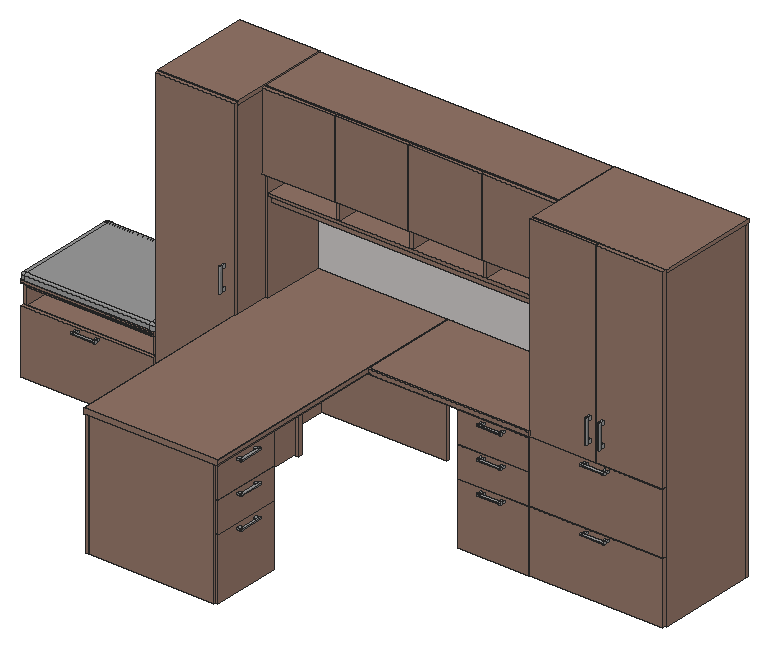
Revit family "JSI-Vision-Typical_Veneer-VSV103", category Furniture, Revit 2020
Family settings
  OmniClass Number = 23.40.20.00
  OmniClass Title = General Furniture and Specialties
  Work Plane-Based = No
  Always vertical = Yes
  Cut with Voids When Loaded = No
  Shared = No
  Room Calculation Point = No
Parameters (values of type "VST103")
  URL = "www.jsifurniture.com"
  Type Comments = "Typical Laminate"  # constant formula
  Model = "VST103"
  Manufacturer = "JSI"  # constant formula
  Keynote = "12500"
  Default Elevation = 0"
  Assembly Code = "E2020200"
Reference planes (in)
  plane 1 "Center Front/Back": y = 0
  plane 2: z = 0
  plane 3 "Center Left/Right": x = 0
Dimensions and locks (in)
  aligned and locked: level to plane 2
Nested families (in)
  nested 1: "JSI-Vision-Wardrobe" at (30.00381, 0, 0), type "VSV2418-72WL - Wardrobe - 1 Doors 30"W x 24"D x 72"H"
    with Vertical Partition no, Top-Right Shelve no, Width 18", Unit Centre 8 15/16", Shelve Width 7 13/16", Right surface Dist. to Vertical Partition 3/4", Right Door no, Pull Distance 15 1/4", Left Shelves no, Height 72", Hanging Bar Distance 6 3/4", Door Width 17 3/4", Bottom-Right Shelves yes, Adjustable Shelves Array Distance 13.95", Actual Width 17 7/8", Actual Height 71 11/16", # of Adjustable Shelves 4
  nested 2: "JSI-Vision-Bench_Height_Cushion" at (0.00381, 0, 0.1031), type "VSB2430CUSH, 24d Bench H Cushion, 30 W"
    with Width 30"
  nested 3: "JSI-Vision-Tackboard_Overhead_with_Cubbies" at (47.87881, 0.3125, -4.5625), type "VSB6620TKC, Tackboard for Overhead Front with Cubbies"
    with Width 64 1/8", Height 19 1/2"
  nested 4: "JSI-Vision-Modular_Box_Box_File_Pedestal" at (97.75781, -0.2655, 0), type "VSV1624MBBF, Veneer Modular BBF Ped"
    with Ped Width 15.996", Ped Height 27.996", Ped Depth 24"
  nested 5: "JSI-Vision-Overhead_Cabinets_with_Cubbies" at (47.81631, 0, -0.8125), type "VSV1666SOC, Veneer OH Cab. 16" x 66", 4 Doors w Cub"
    with Verticall Partition Distance 32 13/16", Unit Centre 33", Width 66", Door Width Actual 16 5/16", Door Array Spacing 16 7/16", Door Width 16 5/16", Bottom Partition Array Start Distance 16 3/8", Bottom Partition Array Space 16", Bottom Partition Array Distance 16 7/16", # of bottom Partition 3, # of Doors 4
  nested 6: "JSI-Vision-File_File_Lateral_Storage_Cabinet" at (113.87881, 0, 0), type "VSV2430-72FFT, Veneer 72" H Lat File Strg Cab 24" x 30""
    with Width 30", Unit Centre 15", Shelve Width 28 1/2", Drawer Pull Distance(Right) 7 7/16", Drawer Pull Distance(Left) 7 7/16", Height 72", Door Width 14 7/8", Adjustable Shelves Array Distance 14.39583", Actual Height 71 11/16", # of Adjustable Shelves 3
  nested 7: "JSI-Vision-Single_Pedestal_Desk-Break_Front_Modesty" at (58.62881, -30.06087, 0) x (0, 1, 0) z (0, 0, 1), type "VSV3066LD, Veneer 30 x 66 Left Ped Desk, Brk Frnt Modesty"
    with Height 29.187"
  nested 8: "JSI-Vision-Modular_Bridge_Top" at (113.94294, -10.875, -0.8125), type "VSV3624MCT - Modular Return/Bridge Top 36"W x 24"D x 30"H"
    with Depth 24"
  nested 9: "JSI-Vision-Open_Shelf_File_Modular_Bench_Pedestal" at (0.00381, -0.125, 0), type "VSVB2430MOF, Veneer OF Modular Bench H Ped"
    with Width 30", Height 18.744", Depth 24"
  nested 10: "JSI-Vision-Bench_Height_Modular_Top" at (0.00381, -0.125, -0.6469), type "VSVB2430MT, Veneer Mod Bench H Top, 24" x 30""
    with Width 30", Depth 24"
  nested 11: "JSI-Vision-Modular_Full_Height_Back_Modular_Pedestal" at (97.88281, -0.125, 0), type "VSV1628MPBK, Modular Full Height Back Panel for Modular Pedestal- Veneer"
Definition of nested family "JSI-Vision-Wardrobe"
  Parameters (values of type "Type Catalog")
    Vertical Partition = yes
    Top-Right Shelve = yes
    Top = none
    Width = 36"
    Unit Centre = Actual Width / 2  # 17 15/16"
    URL = "www.jsifurniture.com"
    Type Comments = ""
    Tag = "Storage/Wardrobe"
    Shelve Width = (Actual Width - 2 1/4") / 2  # 16 13/16"
    Shelve Depth = Depth - 2 13/16"  # 21 3/16"
    Series = "Vision Casegoods"  # constant formula
    Right surface Dist. to Vertical Partition = if(Vertical Partition, (Unit Centre + 3/8"), 3/4")  # 18 5/16"
    Right Door = yes
    Pull Finish = none
    Pull Distance = Door Width - 2 1/2"  # 15 5/16"
    Model = "Type Catalog"
    Material = ""
    Manufacturer = "JSI"  # constant formula
    Left Shelves = yes
    Left Door = yes
    Keynote = "12500"
    JSI Enviromental Website = "http://www.jsifurniture.com/jsi_sustainability_intro.php"
    Height = 84"
    Hanging Bar Distance = if(Height > 72", (Adjustable Shelves Array Distance + 6 3/4"), 6 3/4")  # 20 3/8"
    Door Width = if(Vertical Partition, ((Actual Width - (1/4")) / 2), (Actual Width - 1/8"))  # 17 13/16"
    Door Front = none
    Description = "Type Catalog"
    Depth = 24"
    Default Elevation = 0"
    Chassis = none
    Bottom-Right Shelves = no
    Assembly Code = "E2020200"
    Adjustable Shelves Array Distance = (Actual Height - 1 15/16") / (# of Adjustable Shelves + 1)  # 13 5/8"
    Actual Width = Width - 1/8"  # 35 7/8"
    Actual Height = if(Height > 54", (Height - 5/16"), (if(Height > 42", (Height + 1 1/8"), if(Height > 30", (Height - 3/8"), (Height - 13/16")))))  # 83 11/16"
    # of Adjustable Shelves = if(Height > 72", 5, 4)  # 5
  Reference planes (in)
    plane 1 "Center Front/Back": y = 0
    plane 2: z = 0
    plane 3 "Center Left/Right": x = 0
    plane 4: z = 0
    plane 5: x = 35.875
    plane 6: y = -0.125
    plane 7: y = -23
    plane 8: z = 83.6875
    plane 9: y = -0.875
    plane 10: y = -22.8125
    plane 11: y = -22.0625
    plane 12: x = 0.75
    plane 13: x = 35.125
    plane 14: z = 1.1875
    plane 15: z = 1.9375
    plane 16: z = 82.9375
    plane 17: z = 83.3125
    plane 18: z = 15.1875
    plane 19: z = 28.8125
    plane 20: z = 42.4375
    plane 21: z = 56.0625
    plane 22: z = 69.6875
    plane 23: z = 70.0625
    plane 24: z = 69.3125
    plane 25: z = 56.4375
    plane 26: z = 55.6875
    plane 27: z = 42.8125
    plane 28: z = 42.0625
    plane 29: z = 29.1875
    plane 30: z = 28.4375
    plane 31: z = 15.5625
    plane 32: z = 14.8125
    plane 33: x = 17.9375
    plane 34: x = 0.0625
    plane 35: x = 35.8125
    plane 36: x = 18
    plane 37: x = 17.875
    plane 38: z = 0.125
    plane 39: y = -23.125
    plane 40: y = -23.875
    plane 41: z = 1.5625
    plane 42: x = 18.3125
    plane 43: x = 17.5625
    plane 44: y = -24
    plane 45: z = 83.625
    plane 46: z = 63.3125
    plane 47: y = -11.5625
    plane 48: z = 41.84375
    plane 49: x = 20.5
    plane 50: x = 15.375
    plane 51: z = 20.3125
    plane 52: z = 19.5625
    plane 53: x = 18.3125
  Forms (in)
    Extrusion 1, solid, material <- "Chassis"
      sketch origin (0, 0, 0) x (1, 0, 0) y (0, 1, 0)
        loop
          line (0, -0.125) -> (0, -0.875) -> (35.875, -0.875) -> (35.875, -0.125) -> (0, -0.125)
      from 0 to 82.9375
    Extrusion 2, solid, material <- "Chassis"
      sketch origin (0, 0, 0) x (1, 0, 0) y (0, 1, 0)
        loop
          line (0, -0.875) -> (0, -23) -> (0.75, -23) -> (0.75, -0.875) -> (0, -0.875)
      from 0 to 82.9375
    Extrusion 3, solid, material <- "Chassis"
      sketch origin (0, 0, 0) x (1, 0, 0) y (0, 1, 0)
        loop
          line (35.125, -0.875) -> (35.125, -23) -> (35.875, -23) -> (35.875, -0.875) -> (35.125, -0.875)
      from 0 to 82.9375
    Extrusion 4, solid, material <- "Top"
      sketch origin (0, 0, 0) x (0, 1, 0) y (0, 0, 1)
        loop
          line (-0.125, 83.6875) -> (-23, 83.6875) -> (-23, 82.9375) -> (-0.125, 82.9375) -> (-0.125, 83.6875)
      from 0 to 35.875
    Extrusion 5, solid, material <- "Chassis"
      sketch origin (0, 0, 0) x (0, 1, 0) y (0, 0, 1)
        loop
          line (-0.875, 1.9375) -> (-22.0625, 1.9375) -> (-22.0625, 1.1875) -> (-0.875, 1.1875) -> (-0.875, 1.9375)
      from 0.75 to 35.125
    Extrusion 6, solid, material <- "Chassis"
      sketch origin (0, 0, 0) x (0, 1, 0) y (0, 0, 1)
        loop
          line (-22.0625, 1.9375) -> (-22.8125, 1.9375) -> (-22.8125, 0) -> (-22.0625, 0) -> (-22.0625, 1.9375)
      from 0.75 to 35.125
    Extrusion 7, solid, material <- "Door Front", visible <- "Left Door"
      sketch origin (0, 0, 0) x (1, 0, 0) y (0, 1, 0)
        loop
          line (0.0625, -23.125) -> (0.0625, -23.875) -> (17.875, -23.875) -> (17.875, -23.125) -> (0.0625, -23.125)
      from 0.125 to 83.625
    Extrusion 8, solid, material <- "Door Front", visible <- "Right Door"
      sketch origin (0, 0, 0) x (1, 0, 0) y (0, 1, 0)
        loop
          line (18, -23.125) -> (18, -23.875) -> (35.8125, -23.875) -> (35.8125, -23.125) -> (18, -23.125)
      from 0.125 to 83.625
    Extrusion 9, solid, material <- "Chassis", visible <- "Vertical Partition"
      sketch origin (0, 0, 0) x (1, 0, 0) y (0, 1, 0)
        loop
          line (17.5625, -0.875) -> (17.5625, -23) -> (18.3125, -23) -> (18.3125, -0.875) -> (17.5625, -0.875)
      from 1.9375 to 82.9375
    Extrusion 10, solid, material <- "Chassis", visible <- "Left Shelves"
      sketch origin (0, 0, 0) x (0, 1, 0) y (0, 0, 1)
        loop
          line (-0.875, 15.5625) -> (-22.0625, 15.5625) -> (-22.0625, 14.8125) -> (-0.875, 14.8125) -> (-0.875, 15.5625)
      from 0.75 to 17.5625
    Extrusion 11, solid, material <- "Chassis", visible <- "Top-Right Shelve"
      sketch origin (0, 0, 0) x (0, 1, 0) y (0, 0, 1)
        loop
          line (-0.875, 70.0625) -> (-22.0625, 70.0625) -> (-22.0625, 69.3125) -> (-0.875, 69.3125) -> (-0.875, 70.0625)
      from 18.3125 to 35.125
    Extrusion 12, solid, material <- "Pull Finish"
      sketch origin (0, 0, 0) x (0, 1, 0) y (0, 0, 1)
        loop
          circle (-11.5625, 63.3125) r 0.5
      from 18.3125 to 35.125
    Extrusion 13, solid, material <- "Chassis", visible <- "Left Shelves"
      sketch origin (0, 0, 13.625) x (0, 1, 0) y (0, 0, 1)
        loop
          line (-0.875, 15.5625) -> (-22.0625, 15.5625) -> (-22.0625, 14.8125) -> (-0.875, 14.8125) -> (-0.875, 15.5625)
      from 0.75 to 17.5625
    Extrusion 14, solid, material <- "Chassis", visible <- "Left Shelves"
      sketch origin (0, 0, 27.25) x (0, 1, 0) y (0, 0, 1)
        loop
          line (-0.875, 15.5625) -> (-22.0625, 15.5625) -> (-22.0625, 14.8125) -> (-0.875, 14.8125) -> (-0.875, 15.5625)
      from 0.75 to 17.5625
    Extrusion 15, solid, material <- "Chassis", visible <- "Left Shelves"
      sketch origin (0, 0, 40.875) x (0, 1, 0) y (0, 0, 1)
        loop
          line (-0.875, 15.5625) -> (-22.0625, 15.5625) -> (-22.0625, 14.8125) -> (-0.875, 14.8125) -> (-0.875, 15.5625)
      from 0.75 to 17.5625
    Extrusion 16, solid, material <- "Chassis", visible <- "Bottom-Right Shelves"
      sketch origin (0, 0, 0) x (0, 1, 0) y (0, 0, 1)
        loop
          line (-22.0625, 29.1875) -> (-22.0625, 28.4375) -> (-0.875, 28.4375) -> (-0.875, 29.1875) -> (-22.0625, 29.1875)
      from 18.3125 to 35.125
    Extrusion 17, solid, material <- "Chassis", visible <- "Bottom-Right Shelves"
      sketch origin (0, 0, 0) x (0, 1, 0) y (0, 0, 1)
        loop
          line (-22.0625, 20.3125) -> (-22.0625, 19.5625) -> (-0.875, 19.5625) -> (-0.875, 20.3125) -> (-22.0625, 20.3125)
      from 18.3125 to 35.125
    Extrusion 18, solid, material <- "Chassis", visible <- "Left Shelves"
      sketch origin (0, 0, 54.5) x (0, 1, 0) y (0, 0, 1)
        loop
          line (-0.875, 15.5625) -> (-22.0625, 15.5625) -> (-22.0625, 14.8125) -> (-0.875, 14.8125) -> (-0.875, 15.5625)
      from 0.75 to 17.5625
  Lines and regions (in)
    symbolic lines
      curve 1: line (35.875, -0.125, 0) -> (0, -0.125, 0)
      curve 2: line (0, -0.125, 0) -> (0, -23, 0)
      curve 3: line (35.875, -23, 0) -> (35.875, -0.125, 0)
      curve 4: line (0, -23, 0) -> (35.875, -23, 0)
      curve 5: line (17.875, -23.875, 0) -> (17.875, -23.125, 0)
      curve 6: line (0.0625, -23.875, 0) -> (17.875, -23.875, 0)
      curve 7: line (17.875, -23.125, 0) -> (0.0625, -23.125, 0)
      curve 8: line (0.0625, -23.125, 0) -> (0.0625, -23.875, 0)
      curve 9: line (35.8125, -23.125, 20.3125) -> (18, -23.125, 20.3125)
      curve 10: line (18, -23.875, 20.3125) -> (35.8125, -23.875, 20.3125)
      curve 11: line (18, -23.125, 20.3125) -> (18, -23.875, 20.3125)
      curve 12: line (35.8125, -23.875, 20.3125) -> (35.8125, -23.125, 20.3125)
  Dimensions and locks (in)
    locked: plane 6 to plane 1 "Center Front/Back" at 0.125
    plane 7 to plane 10 to plane 11 = 3/16" locked, 3/4" locked
    locked: plane 3 "Center Left/Right" to plane 12 at 0.75
    locked: plane 13 to plane 5 at 0.75
    plane 15 to plane 14 to plane 4 = 3/4" locked, 1 3/16" locked
    locked: plane 8 to plane 16 at 0.75
    locked: plane 17 to plane 16 at 0.375
    plane 23 to plane 22 to plane 24 = 3/8" locked, 3/8" locked
    plane 25 to plane 21 to plane 26 = 3/8" locked, 3/8" locked
    plane 27 to plane 20 to plane 28 = 3/8" locked, 3/8" locked
    plane 29 to plane 19 to plane 30 = 3/8" locked, 3/8" locked
    plane 31 to plane 18 to plane 32 = 3/8" locked, 3/8" locked
    "Actual Width": plane 3 "Center Left/Right" to plane 5
    "Unit Centre": plane 3 "Center Left/Right" to plane 33
    "Actual Height": plane 8 to plane 4
    locked: plane 3 "Center Left/Right" to plane 34 at 0.0625
    locked: plane 35 to plane 5 at 0.0625
    plane 40 to plane 39 to plane 7 = 3/4" locked, 1/8" locked
    "Door Width": plane 34 to plane 37
    "Door Width": plane 36 to plane 35
    locked: plane 15 to plane 41 at 0.375
    plane 43 to plane 33 to plane 42 = 3/8" locked, 3/8" locked
    "Depth": plane 44 to plane 1 "Center Front/Back"
    locked: plane 44 to plane 40 at 0.125
    "Adjustable Shelves Array Distance": Extrusion 10 to plane 15
    locked: plane 8 to plane 45 at 0.0625
    "Adjustable Shelves Array Distance": plane 17 to plane 22
    equal spacing: plane 6, plane 47, plane 7
    equal spacing: plane 8, plane 48, plane 4
    "Shelve Depth": Extrusion 10 sketch curve to Extrusion 10 sketch curve
    "Shelve Depth": Extrusion 13 sketch curve to Extrusion 13 sketch curve
    equal spacing: group 1, group 2, group 3, group 4, group 5  (x3)
    "Shelve Width": Extrusion 10 to Extrusion 10
    "Shelve Depth": Extrusion 14 sketch curve to Extrusion 14 sketch curve
    "Shelve Width": Extrusion 14 to Extrusion 14
    "Shelve Depth": Extrusion 15 sketch curve to Extrusion 15 sketch curve
    "Shelve Width": Extrusion 15 to Extrusion 15
    "Shelve Width": Extrusion 13 to Extrusion 13
    "Hanging Bar Distance": plane 8 to plane 46
    "Adjustable Shelves Array Distance": Extrusion 13 to Extrusion 10
    plane 30 to plane 51 to plane 52 = 8 1/8" locked, 3/4" locked
    "Pull Distance": plane 49 to plane 35
    "Pull Distance": plane 34 to plane 50
    "Right surface Dist. to Vertical Partition": plane 53 to plane 3 "Center Left/Right"
    "Shelve Depth": Extrusion 18 sketch curve to Extrusion 18 sketch curve
    "Shelve Width": Extrusion 18 to Extrusion 18
    locked: plane 38 to plane 4 at 0.125
    radius of Extrusion 12 sketch curve = 1/2"
    aligned and locked: level to plane 2
    aligned and locked: plane 6 to Extrusion 1 sketch curve
    aligned and locked: Extrusion 1 sketch curve to plane 9
    aligned and locked: Extrusion 1 sketch curve to plane 5
    aligned and locked: plane 3 "Center Left/Right" to Extrusion 1 sketch curve
    aligned and locked: Extrusion 1 to plane 4
    aligned and locked: plane 16 to Extrusion 1
    aligned and locked: plane 3 "Center Left/Right" to Extrusion 2 sketch curve
    aligned and locked: Extrusion 2 sketch curve to plane 12
    aligned and locked: Extrusion 2 sketch curve to plane 7
    aligned and locked: plane 9 to Extrusion 2 sketch curve
    aligned and locked: plane 13 to Extrusion 3 sketch curve
    aligned and locked: Extrusion 3 sketch curve to plane 5
    aligned and locked: Extrusion 3 sketch curve to plane 7
    aligned and locked: plane 9 to Extrusion 3 sketch curve
    aligned and locked: Extrusion 2 to plane 4
    aligned and locked: Extrusion 3 to plane 4
    aligned and locked: plane 16 to Extrusion 2
    aligned and locked: plane 16 to Extrusion 3
    aligned and locked: plane 16 to Extrusion 4 sketch curve
    aligned and locked: Extrusion 4 sketch curve to plane 8
    aligned and locked: plane 6 to Extrusion 4 sketch curve
    aligned and locked: Extrusion 4 sketch curve to plane 7
    aligned and locked: Extrusion 4 to plane 3 "Center Left/Right"
    aligned and locked: plane 5 to Extrusion 4
    aligned and locked: Extrusion 5 sketch curve to plane 11
    aligned and locked: plane 14 to Extrusion 5 sketch curve
    aligned and locked: Extrusion 5 sketch curve to plane 15
    aligned and locked: plane 9 to Extrusion 5 sketch curve
    aligned and locked: Extrusion 5 to plane 12
    aligned and locked: plane 13 to Extrusion 5
    aligned and locked: plane 11 to Extrusion 6 sketch curve
    aligned and locked: Extrusion 6 sketch curve to plane 10
    aligned and locked: plane 4 to Extrusion 6 sketch curve
    aligned and locked: Extrusion 6 sketch curve to plane 15
    aligned and locked: Extrusion 6 to plane 12
    aligned and locked: plane 13 to Extrusion 6
    aligned and locked: level to plane 4
    aligned and locked: plane 33 to nested 1
    aligned and locked: plane 40 to nested 1
    aligned and locked: plane 39 to Extrusion 7 sketch curve
    aligned and locked: Extrusion 7 sketch curve to plane 40
    aligned and locked: Extrusion 7 sketch curve to plane 37
    aligned and locked: plane 34 to Extrusion 7 sketch curve
    aligned and locked: plane 39 to Extrusion 8 sketch curve
    aligned and locked: Extrusion 8 sketch curve to plane 40
    aligned and locked: Extrusion 8 sketch curve to plane 35
    aligned and locked: plane 36 to Extrusion 8 sketch curve
    aligned and locked: Extrusion 7 to plane 38
    aligned and locked: Extrusion 8 to plane 38
    aligned and locked: plane 43 to Extrusion 9 sketch curve
    aligned and locked: Extrusion 9 sketch curve to plane 42
    aligned and locked: plane 9 to Extrusion 9 sketch curve
    aligned and locked: Extrusion 9 sketch curve to plane 7
    aligned and locked: Extrusion 9 to plane 15
    aligned and locked: plane 16 to Extrusion 9
    aligned and locked: plane 45 to Extrusion 7
    aligned and locked: plane 45 to Extrusion 8
    aligned and locked: Extrusion 11 sketch curve to plane 23
    aligned and locked: plane 24 to Extrusion 11 sketch curve
    aligned and locked: plane 9 to Extrusion 11 sketch curve
    aligned and locked: Extrusion 11 sketch curve to plane 11
    aligned and locked: plane 13 to Extrusion 11
    aligned and locked: plane 13 to Extrusion 12
    aligned and locked: Extrusion 10 to plane 9
    aligned and locked: plane 50 to nested 3
    aligned and locked: plane 49 to nested 2
    aligned and locked: plane 48 to nested 3
    aligned and locked: plane 48 to nested 2
    aligned and locked: plane 43 to Extrusion 10
    aligned and locked: plane 43 to Extrusion 13
    aligned and locked: Extrusion 13 to plane 9
    aligned and locked: plane 40 to nested 3
    aligned and locked: plane 40 to nested 2
    aligned and locked: Extrusion 16 sketch curve to plane 29
    aligned and locked: plane 30 to Extrusion 16 sketch curve
    aligned and locked: plane 9 to Extrusion 16 sketch curve
    aligned and locked: Extrusion 16 sketch curve to plane 11
    aligned and locked: plane 13 to Extrusion 16
    aligned and locked: Extrusion 17 sketch curve to plane 51
    aligned and locked: plane 52 to Extrusion 17 sketch curve
    aligned and locked: Extrusion 17 sketch curve to plane 11
    aligned and locked: plane 9 to Extrusion 17 sketch curve
    aligned and locked: plane 13 to Extrusion 17
    aligned and locked: plane 53 to Extrusion 12
    aligned and locked: plane 53 to Extrusion 11
    aligned and locked: plane 53 to Extrusion 17
    aligned and locked: plane 53 to Extrusion 16
    aligned and locked: curve 1 to Extrusion 4
    aligned and locked: curve 2 to Extrusion 4
    aligned and locked: curve 3 to Extrusion 4
    aligned and locked: curve 4 to Extrusion 4
    aligned and locked: curve 5 to Extrusion 7
    aligned and locked: curve 6 to Extrusion 7
    aligned and locked: curve 7 to Extrusion 7
    aligned and locked: curve 8 to Extrusion 7
    aligned and locked: curve 9 to Extrusion 8
    aligned and locked: curve 10 to Extrusion 8
    aligned and locked: curve 11 to Extrusion 8
    aligned and locked: curve 12 to Extrusion 8
  Automatic sketch dimensions
    Extrusion 12 sketch curve to plane 46 = 0"
    Extrusion 12 sketch curve to plane 47 = 0"
    Extrusion 10 sketch curve to Extrusion 10 sketch curve = 3/4"
    Extrusion 13 sketch curve to Extrusion 13 sketch curve = 3/4"
    Extrusion 14 sketch curve to Extrusion 14 sketch curve = 3/4"
    Extrusion 15 sketch curve to Extrusion 15 sketch curve = 3/4"
    Extrusion 18 sketch curve to Extrusion 18 sketch curve = 3/4"
  Nested families (in)
    nested 1: "Label 1-16 OH" at (17.9375, -23.875, 0), type "OH DOORS"
    nested 2: "Vertical Bar Pull" at (20.5, -23.875, 41.84375), Pull Finish <- "Pull Finish", visible <- "Right Door", type "PL"
      with Pull Finish none
    nested 3: "Vertical Bar Pull" at (15.375, -23.875, 41.84375), Pull Finish <- "Pull Finish", visible <- "Left Door", type "PL"
      with Pull Finish none
  Definition of nested family "Vertical Bar Pull"
    Parameters
      Pull Finish [instance] = none
      Default Elevation = 0"
    Reference planes (in)
      plane 1 "Center Front/Back": y = 0
      plane 2: z = 0
      plane 3 "Center Left/Right": x = 0
      plane 4: x = -2.68731
      plane 5: x = -1.88731
      plane 6: x = 2.68731
      plane 7: x = 1.88731
      plane 8: y = -1
      plane 9: y = -0.85202
      plane 10: z = 2.68731
      plane 11: z = 1.88731
      plane 12: z = -1.88731
      plane 13: z = -2.68731
    Forms (in)
      Extrusion 1, solid, material <- "Pull Finish"
        sketch origin (0, 0, 0) x (0, 1, 0) y (-1, 0, 0)
          loop
            line (0, -0.2015) -> (0, 0.2015) -> (-0.85202, 0.2015)
            arc (-0.85202, 0.2015) -> (-0.75, 0) -> (-0.85202, -0.2015) r 0.25
            line (-0.85202, -0.2015) -> (0, -0.2015)
        from 1.88731 to 2.68731
      Extrusion 2, solid, material <- "Pull Finish"
        sketch origin (0, 0, 0) x (0, 1, 0) y (-1, 0, 0)
          loop
            circle (-1, 0) r 0.25
        from -2.68731 to 2.68731
      Extrusion 3, solid, material <- "Pull Finish"
        sketch origin (0, 0, 0) x (1, 0, 0) y (0, 1, 0)
          loop
            line (0.2015, 0) -> (-0.2015, 0) -> (-0.2015, -0.85202)
            arc (-0.2015, -0.85202) -> (0, -0.75) -> (0.2015, -0.85202) r 0.25
            line (0.2015, -0.85202) -> (0.2015, 0)
        from 1.88731 to 2.68731
      Extrusion 4, solid, material <- "Pull Finish"
        sketch origin (0, 0, -4.57462) x (1, 0, 0) y (0, 1, 0)
          loop
            line (0.2015, 0) -> (-0.2015, 0) -> (-0.2015, -0.85202)
            arc (-0.2015, -0.85202) -> (0, -0.75) -> (0.2015, -0.85202) r 0.25
            line (0.2015, -0.85202) -> (0.2015, 0)
        from 1.88731 to 2.68731
    Dimensions and locks (in)
      plane 4 to plane 5 to plane 3 "Center Left/Right" to plane 7 to plane 6 = 0.8" locked, 1.88731" locked, 1.88731" locked, 0.8" locked
      plane 8 to plane 9 to plane 1 "Center Front/Back" = 0.14798" locked, 0.85202" locked
      plane 13 to plane 12 to plane 2 to plane 11 to plane 10 = 0.8" locked, 1.88731" locked, 1.88731" locked, 0.8" locked
      plane 1 "Center Front/Back" to plane 9 to plane 8 = 0.85202" locked, 0.14798" locked
      aligned and locked: level to plane 2
      aligned and locked: plane 8 to Extrusion 2 sketch curve
      aligned and locked: Extrusion 3 to plane 1 "Center Front/Back"
      aligned and locked: Extrusion 1 to plane 1 "Center Front/Back"
      aligned and locked: Extrusion 4 to plane 1 "Center Front/Back"
      aligned and locked: Extrusion 3 to plane 10
      aligned and locked: Extrusion 3 to plane 11
      aligned and locked: Extrusion 2 to plane 10
      aligned and locked: Extrusion 2 to plane 13
      aligned and locked: Extrusion 4 to plane 13
      aligned and locked: Extrusion 4 to plane 12
      aligned and locked: plane 1 "Center Front/Back" to Extrusion 4
      aligned and locked: plane 1 "Center Front/Back" to Extrusion 3
      aligned and locked: Extrusion 4 to plane 9
      aligned and locked: Extrusion 3 to plane 9
  Definition of nested family "Label 1-16 OH"
    Parameters
      Width = 1"
      Model Name = "Storage/Wardrobe"
    Reference planes (in)
      plane 1: y = 0
      plane 2: x = 0
    Text (in)
      label "XX" at (0.00051, -0.12324, 0), shows "Model Name"
Definition of nested family "JSI-Vision-Bench_Height_Cushion"
  Parameters (values of type "Type Catalog")
    Width = 36"
    URL = "www.jsifurniture.com"
    Type Comments = ""
    Series = "Vision Casegoods"  # constant formula
    Model = "Type Catalog"
    Material = ""
    Manufacturer = "JSI"  # constant formula
    Keynote = "12500"
    JSI Enviromental Website = "http://www.jsifurniture.com/jsi_sustainability_intro.php"
    Height = 1 1/2"
    Description = "Type Catalog"
    Depth = 24"
    Default Elevation = 0"
    Cushion Finish = none
    Bench Height = 19 1/2"
    Assembly Code = "E2020200"
  Reference planes (in)
    plane 1 "Center Front/Back": y = 0
    plane 2: z = 0
    plane 3 "Center Left/Right": x = 0
    plane 4: z = 0
    plane 5: z = 19.5
    plane 6: z = 21
    plane 7: z = 20.625
    plane 8: x = 36
    plane 9: y = -24
  Forms (in)
    Sweep 1, solid, material <- "Cushion Finish"
      path origin (7.5, 51.481, 49.125) x (0, 1, 0) y (0, 0, 1)
        loop
          line (-51.481, -29.625) -> (-51.481, -28.5625)
          arc (-51.481, -28.5625) -> (-51.60914, -28.25314) -> (-51.9185, -28.125) r 0.4375
          line (-51.9185, -28.125) -> (-75.0435, -28.125)
          arc (-75.0435, -28.125) -> (-75.35286, -28.25314) -> (-75.481, -28.5625) r 0.4375
          line (-75.481, -28.5625) -> (-75.481, -29.625)
      profile origin (7.5, -12, 21) x (0, 0, -1) y (1, 0, 0)
        loop
          line (0.375, -7.5) -> (0.375, 28.5)
          spline (0.375, 28.5) -> (0.32605, 28.49144) -> (0.27794, 28.46593) -> (0.23149, 28.42388) -> (0.1875, 28.36603) -> (0.14671, 28.29335) -> (0.10983, 28.20711) -> (0.07749, 28.10876) -> (0.05024, 28) -> (0.02855, 27.88268) -> (0.01278, 27.75882) -> (0.00321, 27.63053) -> (0, 27.5)
          line (0, 27.5) -> (0, -6.5)
          spline (0, -6.5) -> (0.00321, -6.63053) -> (0.01278, -6.75882) -> (0.02855, -6.88268) -> (0.05024, -7) -> (0.07749, -7.10876) -> (0.10983, -7.20711) -> (0.14671, -7.29335) -> (0.1875, -7.36603) -> (0.23149, -7.42388) -> (0.27794, -7.46593) -> (0.32605, -7.49144) -> (0.375, -7.5)
    Extrusion 2, solid, material <- "Cushion Finish"
      sketch origin (7.5, 51.481, 49.125) x (0, 1, 0) y (0, 0, 1)
        loop
          line (-51.856, -29.625) -> (-51.856, -28.5625)
          arc (-51.856, -28.5625) -> (-51.87431, -28.51831) -> (-51.9185, -28.5) r 0.0625
          line (-51.9185, -28.5) -> (-75.0435, -28.5)
          arc (-75.0435, -28.5) -> (-75.0877, -28.51831) -> (-75.106, -28.5625) r 0.0625
          line (-75.106, -28.5625) -> (-75.106, -29.625) -> (-51.856, -29.625)
      from -7.5 to 28.5
  Lines and regions (in)
    symbolic lines
      curve 1: line (36, -0.375, 0) -> (36, -23.625, 0)
      curve 2: line (35, -24, 0) -> (1, -24, 0)
      curve 3: spline (0, -23.625, 0) -> (0.00856, -23.67395, 0) -> (0.03407, -23.72206, 0) -> (0.07612, -23.76851, 0) -> (0.13397, -23.8125, 0) -> (0.20665, -23.85329, 0) -> (0.29289, -23.89017, 0) -> (0.39124, -23.92251, 0) -> (0.5, -23.94976, 0) -> (0.61732, -23.97145, 0) -> (0.74118, -23.98722, 0) -> (0.86947, -23.99679, 0) -> (1, -24, 0)
      curve 4: spline (36, -23.625, 0) -> (35.99144, -23.67395, 0) -> (35.96593, -23.72206, 0) -> (35.92388, -23.76851, 0) -> (35.86603, -23.8125, 0) -> (35.79335, -23.85329, 0) -> (35.70711, -23.89017, 0) -> (35.60876, -23.92251, 0) -> (35.5, -23.94976, 0) -> (35.38268, -23.97145, 0) -> (35.25882, -23.98722, 0) -> (35.13053, -23.99679, 0) -> (35, -24, 0)
      curve 5: line (1, 0, 0) -> (35, 0, 0)
      curve 6: spline (36, -0.375, 0) -> (35.99144, -0.32605, 0) -> (35.96593, -0.27794, 0) -> (35.92388, -0.23149, 0) -> (35.86603, -0.1875, 0) -> (35.79335, -0.14671, 0) -> (35.70711, -0.10983, 0) -> (35.60876, -0.07749, 0) -> (35.5, -0.05024, 0) -> (35.38268, -0.02855, 0) -> (35.25882, -0.01278, 0) -> (35.13053, -0.00321, 0) -> (35, 0, 0)
      curve 7: spline (0, -0.375, 0) -> (0.00856, -0.32605, 0) -> (0.03407, -0.27794, 0) -> (0.07612, -0.23149, 0) -> (0.13397, -0.1875, 0) -> (0.20665, -0.14671, 0) -> (0.29289, -0.10983, 0) -> (0.39124, -0.07749, 0) -> (0.5, -0.05024, 0) -> (0.61732, -0.02855, 0) -> (0.74118, -0.01278, 0) -> (0.86947, -0.00321, 0) -> (1, 0, 0)
      curve 8: line (0, -0.375, 0) -> (0, -23.625, 0)
  Dimensions and locks (in)
    "Height": plane 6 to plane 5
    locked: plane 7 to plane 5 at 1.125
    "Bench Height": plane 5 to level
    "Width": plane 3 "Center Left/Right" to plane 8
    "Depth": plane 1 "Center Front/Back" to plane 9
    locked: Sweep 1 sketch curve to plane 3 "Center Left/Right" at 1
    locked: Sweep 1 sketch curve to plane 8 at 1
    aligned and locked: level to plane 2
    aligned and locked: level to plane 4
    aligned and locked: Sweep 1 to plane 5
    aligned and locked: Extrusion 2 to Sweep 1  (x3)
    aligned and locked: Extrusion 2 to plane 3 "Center Left/Right"
    aligned and locked: Extrusion 2 to plane 8
    aligned and locked: plane 1 "Center Front/Back" to Sweep 1 sketch curve
    aligned and locked: plane 9 to Sweep 1 sketch curve
    aligned and locked: Sweep 1 sketch curve to plane 6
  Automatic sketch dimensions
    Sweep 1 sketch curve to plane 5 = 0"  (x2)
    Sweep 1 sketch curve to plane 7 = 1/16"
    plane 1 "Center Front/Back" to Sweep 1 sketch curve = 7/16"
    Sweep 1 sketch curve to profile plane = 0"
    Sweep 1 sketch curve to profile plane = 3/8"
    Sweep 1 sketch curve to Sweep 1 sketch curve = 1"  (x2)
    Extrusion 2 sketch curve to plane 5 = 0"
    Extrusion 2 sketch curve to plane 7 = 0"
    plane 9 to Extrusion 2 sketch curve = 3/8"
    Extrusion 2 sketch curve to plane 7 = 1/16"
    plane 1 "Center Front/Back" to Extrusion 2 sketch curve = 7/16"
    plane 1 "Center Front/Back" to Extrusion 2 sketch curve = 3/8"
    curve 3 to plane 3 "Center Left/Right" = 0"
    curve 3 to plane 9 = 0"
    plane 1 "Center Front/Back" to curve 7 = 0"
    curve 4 to plane 8 = 0"
    plane 3 "Center Left/Right" to curve 2 = 1"
    plane 3 "Center Left/Right" to curve 5 = 1"
    plane 8 to curve 5 = 1"
    plane 8 to curve 2 = 1"
    plane 9 to curve 1 = 3/8"
    plane 1 "Center Front/Back" to curve 1 = 3/8"
    plane 9 to curve 3 = 3/8"
    plane 1 "Center Front/Back" to curve 8 = 3/8"
Definition of nested family "JSI-Vision-Tackboard_Overhead_with_Cubbies"
  Parameters (values of type "Tackboard for Overhead Front with Cubbies - Type Catalog Family")
    Tackboard = none
    Width = 28 1/8"
    URL = "www.jsifurniture.com"
    Type Comments = ""
    Series = "Vision Casegoods"  # constant formula
    Model = "Type Catalog"
    Material = ""
    Manufacturer = "JSI"  # constant formula
    Keynote = "12500"  # constant formula
    JSI Enviromental Website = "http://www.jsifurniture.com/jsi_sustainability_intro.php"
    Height = 13"
    Description = "Type Catalog"
    Depth = 3/8"
    Default Elevation = 0"
    Assembly Code = "E2020200"
  Reference planes (in)
    plane 1 "Center Front/Back": y = 0
    plane 2: z = 0
    plane 3 "Center Left/Right": x = 0
    plane 4: z = 0
    plane 5: x = 0.9375
    plane 6: x = 29.0625
    plane 7: y = -1.6875
    plane 8: z = 33.75
    plane 9: x = 30
    plane 10: z = 46.75
    plane 11: y = -2.0625
  Forms (in)
    Extrusion 1, solid, material <- "Tackboard"
      sketch origin (0, -0.125, 0) x (1, 0, 0) y (0, 1, 0)
        loop
          line (0.9375, -1.5625) -> (0.9375, -1.9375) -> (29.0625, -1.9375) -> (29.0625, -1.5625) -> (0.9375, -1.5625)
      from 33.75 to 46.75
  Lines and regions (in)
    symbolic lines
      curve 1: line (0.9375, -1.6875, 0) -> (29.0625, -1.6875, 0)
      curve 2: line (0.9375, -2.0625, 0) -> (0.9375, -1.6875, 0)
      curve 3: line (29.0625, -2.0625, 0) -> (0.9375, -2.0625, 0)
      curve 4: line (29.0625, -1.6875, 0) -> (29.0625, -2.0625, 0)
  Dimensions and locks (in)
    "Width": plane 5 to plane 6
    plane 8 to level = 33 3/4"
    "Height": plane 10 to plane 8
    plane 11 to plane 7 to plane 1 "Center Front/Back" = 3/8" locked, 1 11/16" locked
    locked: plane 3 "Center Left/Right" to plane 5 at 0.9375
    locked: plane 6 to plane 9 at 0.9375
    aligned and locked: level to plane 2
    aligned and locked: plane 7 to Extrusion 1
    aligned and locked: Extrusion 1 to plane 5  (x2)
    aligned and locked: plane 6 to Extrusion 1  (x2)
    aligned and locked: Extrusion 1 to plane 8
    aligned and locked: plane 10 to Extrusion 1
    aligned and locked: curve 1 to Extrusion 1
    aligned and locked: curve 2 to Extrusion 1
    aligned and locked: curve 3 to Extrusion 1
    aligned and locked: curve 4 to Extrusion 1
  Automatic sketch dimensions
    Extrusion 1 sketch curve to plane 5 = 0"
    Extrusion 1 sketch curve to plane 6 = 0"
    plane 7 to Extrusion 1 sketch curve = 0"
    Extrusion 1 sketch curve to plane 7 = 3/8"
Definition of nested family "JSI-Vision-Modular_Box_Box_File_Pedestal"
  Parameters (values of type "Type Catalog")
    URL = "www.jsifurniture.com"
    Tag = "BBF"
    Series = "Vision Casegoods"  # constant formula
    Pull Finish = none
    Ped Width = 16"
    Ped Height = 28"
    Model = "Type Catalog"
    Manufacturer = "JSI"  # constant formula
    Keynote = "12500"
    JSI Enviromental website = "http://www.jsifurniture.com/jsi_sustainability_intro.php"
    Description = "Type Catalog"
    Default Elevation = 0"
    Chassis = none
    Ped Depth = 20"
    Grommet Finish = none
    Drawer Front = none
    Assembly Code = "E2020200"
  Reference planes (in)
    plane 1 "Center Front/Back": y = 0
    plane 2: z = 0
    plane 3 "Center Left/Right": x = 0
    plane 4: x = 0.125
    plane 5: x = 16.125
    plane 6: x = 16.25
    plane 7: y = -18.9795
    plane 8: y = -0.1875
    plane 9: y = -19.1095
    plane 10: x = 0.18716
    plane 11: x = 16.06243
    plane 12: y = -19.8595
    plane 13: z = 27.89082
    plane 14: z = 28
    plane 15: x = 0.875
    plane 16: x = 15.376
    plane 17: y = -0.9375
    plane 18: y = -18.23863
    plane 19: z = 27.1404
    plane 20: z = 26.5625
    plane 21: y = -3.9375
    plane 22: x = 8.125
    plane 23: y = -20
    plane 24: y = -9.80266
    plane 25: y = -14.80266
    plane 26: z = 27.1875
    plane 27: z = 21.04715
    plane 28: z = 20.92165
    plane 29: z = 20.1704
    plane 30: z = 14.0779
    plane 31: z = 13.9529
    plane 32: z = 13.2024
    plane 33: z = 0.1404
  Forms (in)
    Extrusion 1, solid, material <- "Chassis"
      sketch origin (0.125, -0.1875, 48) x (0, 1, 0) y (0, 0, 1)
        loop
          line (0, -20) -> (-2.2814, -20) -> (-18.792, -20) -> (-18.792, -48) -> (0, -48) -> (0, -20)
      from 0 to 0.75
    Extrusion 2, solid, material <- "Chassis"
      sketch origin (16.125, -0.1875, 48) x (0, 1, 0) y (0, 0, 1)
        loop
          line (0, -20) -> (-1.49541, -20) -> (-18.792, -20) -> (-18.792, -48) -> (0, -48) -> (0, -20)
      from -0.749 to 0
    Extrusion 3, solid, material <- "Drawer Front"
      sketch origin (0, 0, 0) x (1, 0, 0) y (0, 0, 1)
        loop
          line (0.18716, 27.89082) -> (0.18716, 21.04715) -> (16.06243, 21.04715) -> (16.06243, 27.89082) -> (0.18716, 27.89082)
        loop
          line (16.06243, 14.0779) -> (16.06243, 20.92165) -> (0.18716, 20.92165) -> (0.18716, 14.0779) -> (16.06243, 14.0779)
        loop
          line (0.18716, 13.9529) -> (0.18716, 0.1404) -> (16.06243, 0.1404) -> (16.06243, 13.9529) -> (0.18716, 13.9529)
      from 19.1095 to 19.8595
    Extrusion 4, solid, material <- "Chassis"
      sketch origin (0, 0, 0) x (1, 0, 0) y (0, 1, 0)
        loop
          line (0.875, -18.23863) -> (0.875, -18.9795) -> (15.376, -18.9795) -> (15.376, -18.23863) -> (0.875, -18.23863)
      from 0 to 1.9375
    Extrusion 5, solid, material <- "Chassis"
      sketch origin (0, 0, 0) x (0, 1, 0) y (0, 0, 1)
        loop
          line (-9.80266, 27.1875) -> (-9.80266, 27.89082) -> (-14.80266, 27.89082) -> (-14.80266, 27.1875) -> (-9.80266, 27.1875)
      from 0.875 to 15.376
    Extrusion 6, solid, material <- "Chassis"
      sketch origin (0, 0, 0) x (0, 1, 0) y (0, 0, 1)
        loop
          line (-0.1875, 28) -> (-0.9375, 28) -> (-0.9375, 23) -> (-0.1875, 23) -> (-0.1875, 28)
        loop
          line (-0.9375, 5) -> (-0.9375, 0) -> (-0.1875, 0) -> (-0.1875, 5) -> (-0.9375, 5)
      from 0.875 to 15.376
  Lines and regions (in)
    symbolic lines
      curve 1: line (0.125, -18.9795, 0) -> (0.125, -0.1875, 0)
      curve 2: line (16.125, -0.1875, 0) -> (16.125, -18.9795, 0)
      curve 3: line (0.18716, -19.1095, 0) -> (16.06243, -19.1095, 0)
      curve 4: line (0.18716, -19.8595, 0) -> (0.18716, -19.1095, 0)
      curve 5: line (16.06243, -19.8595, 0) -> (0.18716, -19.8595, 0)
      curve 6: line (16.06243, -19.1095, 0) -> (16.06243, -19.8595, 0)
      curve 7: line (0.875, -0.1875, 0) -> (0.875, -18.9795, 0)
      curve 8: line (0.125, -18.9795, 0) -> (0.875, -18.9795, 0)
      curve 9: line (15.376, -0.1875, 0) -> (15.376, -18.9795, 0)
      curve 10: line (15.376, -18.9795, 0) -> (16.125, -18.9795, 0)
      curve 11: line (0.125, -0.1875, 0) -> (16.125, -0.1875, 0)
      curve 12: line (0.875, -0.9375, 0) -> (15.376, -0.9375, 0)
  Dimensions and locks (in)
    plane 3 "Center Left/Right" to plane 4 = 1/8"
    locked: plane 5 to plane 6 at 0.125
    "Ped Width": plane 4 to plane 5
    locked: plane 1 "Center Front/Back" to plane 8 at 0.1875
    "Ped Height": plane 14 to level
    locked: plane 8 to plane 17 at 0.75
    plane 18 to plane 7 to plane 9 to plane 12 = 0.74087" locked, 0.13" locked, 3/4" locked
    plane 4 to plane 10 to plane 15 = 0.06216" locked, 0.68784" locked
    plane 16 to plane 11 to plane 5 = 0.68644" locked, 0.06257" locked
    locked: plane 14 to plane 20 at 1.4375
    locked: plane 1 "Center Front/Back" to plane 21 at 3.9375
    plane 3 "Center Left/Right" to plane 22 to plane 6 = 8 1/8", 8 1/8"
    "Ped Depth": plane 23 to plane 1 "Center Front/Back"
    locked: plane 12 to plane 23 at 0.1405
    plane 24 to plane 25 to plane 23 = 5" locked, 5.19734" locked
    locked: plane 14 to Extrusion 6 sketch curve at 5
    locked: Extrusion 6 sketch curve to plane 2 at 5
    plane 14 to plane 13 to plane 27 to plane 28 to plane 30 to plane 31 to plane 33 to plane 2 = 0.10918" locked, 6.84367" locked, 0.1255" locked, 6 27/32" locked, 1/8" locked, 13 13/16", 0.1404" locked
    plane 19 to plane 29 to plane 32 to plane 2 = 6.97" locked, 6.968" locked, 13.2024" locked
    aligned and locked: level to plane 2
    aligned and locked: Extrusion 1 sketch curve to plane 7
    aligned and locked: Extrusion 1 sketch curve to level
    aligned and locked: Extrusion 2 sketch curve to plane 14
    aligned and locked: level to Extrusion 2 sketch curve
    aligned and locked: plane 7 to Extrusion 2 sketch curve
    aligned and locked: Extrusion 3 sketch curve to plane 13
    aligned and locked: Extrusion 3 sketch curve to plane 10  (x2)
    aligned and locked: plane 11 to Extrusion 3 sketch curve  (x2)
    aligned and locked: Extrusion 3 to plane 12
    aligned and locked: plane 9 to Extrusion 3
    aligned and locked: Extrusion 4 sketch curve to plane 18
    aligned and locked: plane 15 to Extrusion 4 sketch curve
    aligned and locked: nested 1 to plane 12
    aligned and locked: nested 2 to plane 12
    aligned and locked: plane 19 to nested 2
    aligned and locked: plane 24 to Extrusion 5 sketch curve
    aligned and locked: Extrusion 5 sketch curve to plane 26
    aligned and locked: Extrusion 5 sketch curve to plane 25
    aligned and locked: plane 13 to Extrusion 5 sketch curve
    aligned and locked: Extrusion 5 to plane 15
    aligned and locked: plane 16 to Extrusion 5
    aligned and locked: nested 3 to plane 22
    aligned and locked: nested 3 to plane 23
    aligned and locked: nested 2 to plane 22
    aligned and locked: nested 1 to plane 22
    aligned and locked: Extrusion 3 sketch curve to Extrusion 3 sketch curve  (x2)
    aligned and locked: nested 4 to plane 22
    aligned and locked: nested 4 to plane 12
    aligned and locked: Extrusion 3 to plane 28
    aligned and locked: plane 27 to Extrusion 3
    aligned and locked: Extrusion 3 to plane 31
    aligned and locked: plane 30 to Extrusion 3
    aligned and locked: plane 8 to Extrusion 1
    aligned and locked: plane 8 to Extrusion 2
    aligned and locked: curve 7 to Extrusion 1
    aligned and locked: plane 8 to curve 9
    aligned and locked: Extrusion 2 to plane 16
    aligned and locked: plane 8 to Extrusion 6 sketch curve
    aligned and locked: Extrusion 6 sketch curve to plane 17
    aligned and locked: Extrusion 6 sketch curve to plane 2
    aligned and locked: Extrusion 6 sketch curve to plane 8
    aligned and locked: plane 17 to Extrusion 6 sketch curve
    aligned and locked: Extrusion 6 sketch curve to plane 14
    aligned and locked: Extrusion 6 to plane 15
    aligned and locked: plane 16 to Extrusion 6
    aligned and locked: plane 4 to curve 11
    aligned and locked: plane 5 to curve 11
    aligned and locked: curve 11 to plane 8
    aligned and locked: plane 15 to curve 12
    aligned and locked: plane 16 to curve 12
    aligned and locked: curve 12 to plane 17
    aligned and locked: plane 33 to Extrusion 3
  Automatic sketch dimensions
    Extrusion 3 sketch curve to plane 19 = 6 7/32"
    Extrusion 3 sketch curve to Extrusion 3 sketch curve = 0.1255"
    Extrusion 1 sketch curve to plane 14 = 0"
    Extrusion 1 sketch curve to Extrusion 1 sketch curve = 2.2814"
    Extrusion 2 sketch curve to plane 17 = 0.74541"
    Extrusion 3 sketch curve to Extrusion 3 sketch curve = 1/8"
    Extrusion 3 sketch curve to Extrusion 3 sketch curve = 6 31/32"
    level to Extrusion 3 sketch curve = 0.1404"
    plane 17 to Extrusion 1 sketch curve = 3/4"
    Extrusion 4 sketch curve to plane 7 = 0"
    Extrusion 4 sketch curve to plane 16 = 0"
    plane 17 to Extrusion 2 sketch curve = 3/4"
    curve 3 to plane 9 = 0"
    curve 3 to plane 10 = 0"
    curve 10 to plane 7 = 0"
    curve 5 to plane 11 = 0"
    curve 4 to plane 12 = 0"
    curve 1 to plane 7 = 0"
  Nested families (in)
    nested 1: "Bar Pull" at (8.125, -19.8595, 13.2024), Pull Finish <- "Pull Finish", type "PL"
      with Pull Finish none
    nested 2: "Bar Pull" at (8.125, -19.8595, 27.1404), Pull Finish <- "Pull Finish", type "PL"
      with Pull Finish none
    nested 3: "Label 1-16" at (8.125, -20, 0), type "DRWCFG"
    nested 4: "Bar Pull" at (8.125, -19.8595, 20.1704), Pull Finish <- "Pull Finish", type "PL"
      with Pull Finish none
  Definition of nested family "Bar Pull"
    Parameters
      Pull Finish [instance] = none
      Default Elevation = 0"
    Reference planes (in)
      plane 1 "Center Front/Back": y = 0
      plane 2: z = 0
      plane 3 "Center Left/Right": x = 0
      plane 4: x = -2.68731
      plane 5: x = -1.88731
      plane 6: x = 2.68731
      plane 7: x = 1.88731
      plane 8: y = -1
      plane 9: y = -0.85202
    Forms (in)
      Extrusion 1, solid, material <- "Pull Finish"
        sketch origin (0, 0, 0) x (0, 1, 0) y (0, 0, 1)
          loop
            line (0, -0.2015) -> (0, 0.2015) -> (-0.85202, 0.2015)
            arc (-0.85202, 0.2015) -> (-0.75, 0) -> (-0.85202, -0.2015) r 0.25
            line (-0.85202, -0.2015) -> (0, -0.2015)
        from 1.88731 to 2.68731
      Extrusion 2, solid, material <- "Pull Finish"
        sketch origin (0, 0, 0) x (0, 1, 0) y (0, 0, 1)
          loop
            circle (-1, 0) r 0.25
        from -2.68731 to 2.68731
      Extrusion 3, solid, material <- "Pull Finish"
        sketch origin (0, 0, 0) x (0, 1, 0) y (0, 0, -1)
          loop
            line (0, 0.2015) -> (-0.85202, 0.2015)
            arc (-0.85202, 0.2015) -> (-0.75, 0) -> (-0.85202, -0.2015) r 0.25
            line (-0.85202, -0.2015) -> (0, -0.2015) -> (0, 0.2015)
        from 1.88731 to 2.68731
    Dimensions and locks (in)
      plane 4 to plane 5 to plane 3 "Center Left/Right" to plane 7 to plane 6 = 0.8" locked, 1.88731" locked, 1.88731" locked, 0.8" locked
      plane 8 to plane 9 to plane 1 "Center Front/Back" = 0.14798" locked, 0.85202" locked
      aligned and locked: level to plane 2
      aligned and locked: plane 4 to Extrusion 3
      aligned and locked: Extrusion 3 to plane 5
      aligned and locked: plane 4 to Extrusion 2
      aligned and locked: Extrusion 1 to plane 7
      aligned and locked: plane 6 to Extrusion 1
      aligned and locked: plane 6 to Extrusion 2
      aligned and locked: plane 8 to Extrusion 2 sketch curve
      aligned and locked: Extrusion 3 to plane 1 "Center Front/Back"
      aligned and locked: Extrusion 1 to plane 1 "Center Front/Back"
      aligned and locked: plane 5 to Extrusion 3
      aligned and locked: Extrusion 3 to plane 4
      aligned and locked: Extrusion 2 to plane 4
      aligned and locked: plane 7 to Extrusion 1
      aligned and locked: Extrusion 1 to plane 6
      aligned and locked: Extrusion 2 to plane 6
  Definition of nested family "Label 1-16"
    Parameters
      Width = 1"
      Model Name = "2 Drw - 2 Drs"
    Reference planes (in)
      plane 1: y = 0
      plane 2: x = 0
    Text (in)
      label "XX" at (0.00051, -0.12324, 0), shows "Model Name"
Definition of nested family "JSI-Vision-Overhead_Cabinets_with_Cubbies"
  Parameters (values of type "Overhead Cab. with Cubbies - Type Catalog Family")
    Verticall Partition Distance = (Door Width * 2) + 3/16"  # 29.85417"
    Unit Centre = Width / 2  # 45"
    Top = none
    Width = 90"
    URL = "www.jsifurniture.com"
    Type Comments = ""
    Tag = "6 Doors"
    Series = "Vision Casegoods"  # constant formula
    Right Vertical Partition = yes
    Overhead Height = 26 1/2"
    OH Elevation = 30"
    Model = "Type Catalog"
    Material = ""
    Manufacturer = "JSI"  # constant formula
    Left Vertical Partition = yes
    Keynote = "12500"  # constant formula
    JSI Enviromental Website = "http://www.jsifurniture.com/jsi_sustainability_intro.php"
    Height = 42"
    Grommet Finish = none
    Gromett Height = OH Elevation + 18 5/8"  # 48 5/8"
    Door Width Actual = if(# of Doors > 4, (((Width - 1")) / # of Doors), if(# of Doors > 3, (((Width - 1") / # of Doors) + 1/16"), if(# of Doors > 2, (((Width - 1 1/8" + 1/8") / # of Doors) + 1/8"), (((Width - 1 1/8" + 1/8") / # of Doors) + 1/4"))))  # 14.83333"
    Door Array Spacing = Door Width + 1/8"  # 14.95833"
    Door Width = Door Width Actual  # 14.83333"
    Door Front = none
    Door Align Spacing = 1/16"
    Description = "Type Catalog"
    Depth = 16"
    Default Elevation = 0"
    Chassis = none
    Bottom Partition Array Start Distance = if(# of Doors > 4, (((Width - 1") / # of Doors) + 1/16"), if(# of Doors > 3, (((Width - 1") / # of Doors) + 1/8"), if(# of Doors > 2, (((Width - 1") / # of Doors) + 3/16"), (((Width - 1") / # of Doors) + 1/4"))))  # 14.89583"
    Bottom Partition Array Space = Bottom Partition Array Start Distance - 3/8"  # 14.52083"
    Bottom Partition Array Distance = if(# of Doors > 2, (Verticall Partition Distance - Bottom Partition Array Start Distance), 0")  # 14.95833"
    Assembly Code = "E2020200"
    # of bottom Partition = if(# of Doors > 2, (# of Doors - 1), # of Doors)  # 5
    # of Doors = if(Width > 89", 6, (if(Width > 53", 4, (if(Width > 41", 3, (if(Width > 30", 2, 2)))))))  # 6
  Reference planes (in)
    plane 1 "Center Front/Back": y = 0
    plane 2: z = 0
    plane 3 "Center Left/Right": x = 0
    plane 4: z = 0
    plane 5: y = -0.125
    plane 6: x = 90
    plane 7: x = 0.125
    plane 8: x = 89.875
    plane 9: y = -15.5625
    plane 10: y = -16
    plane 11: z = 72.5
    plane 12: z = 72
    plane 13: x = 0.875
    plane 14: x = 89.125
    plane 15: y = -0.875
    plane 16: y = -0.9375
    plane 17: y = -1.6875
    plane 18: z = 71.75
    plane 19: z = 56.5
    plane 20: z = 57.25
    plane 21: z = 49
    plane 22: y = -14.8125
    plane 23: y = -14.0625
    plane 24: x = 0.1875
    plane 25: x = 89.8125
    plane 26: z = 72.4375
    plane 27: z = 55.1875
    plane 28: y = -15.6875
    plane 29: y = -16.4375
    plane 30: x = 45
    plane 31: x = 30.04167
    plane 32: x = 59.95833
    plane 33: x = 29.66667
    plane 34: x = 30.41667
    plane 35: x = 59.58333
    plane 36: x = 60.33333
    plane 37 "Not a Reference": x = 6.875
    plane 38: x = 83.125
    plane 39: z = 50.5
    plane 40: z = 51.25
    plane 41: x = 44.625
    plane 42: x = 45.375
    plane 43: x = 0.5
    plane 44: x = 89.5
    plane 45: x = 15.08333
    plane 46: x = 14.70833
    plane 47: x = 15.45833
    plane 48: z = 30
  Forms (in)
    Extrusion 1, solid, material <- "Chassis"
      sketch origin (0, 0, 0) x (1, 0, 0) y (0, 1, 0)
        loop
          line (0.125, -0.125) -> (0.125, -15.5625) -> (0.875, -15.5625) -> (0.875, -0.125) -> (0.125, -0.125)
      from 30 to 71.75
    Extrusion 2, solid, material <- "Chassis"
      sketch origin (0, 0, 0) x (1, 0, 0) y (0, 1, 0)
        loop
          line (89.875, -0.125) -> (89.125, -0.125) -> (89.125, -15.5625) -> (89.875, -15.5625) -> (89.875, -0.125)
      from 30 to 71.75
    Extrusion 3, solid, material <- "Top"
      sketch origin (0, 0, 0) x (1, 0, 0) y (0, 0, 1)
        loop
          line (0.125, 72.5) -> (0.125, 71.75) -> (89.875, 71.75) -> (89.875, 72.5) -> (0.125, 72.5)
      from 0.125 to 15.5625
    Extrusion 4, solid, material <- "Chassis"
      sketch origin (0, 0, 0) x (1, 0, 0) y (0, 0, 1)
        loop
          line (0.875, 57.25) -> (0.875, 56.5) -> (89.125, 56.5) -> (89.125, 57.25) -> (0.875, 57.25)
      from 1.6875 to 15.5625
    Extrusion 5, solid, material <- "Chassis"
      sketch origin (0, 0, 0) x (1, 0, 0) y (0, 1, 0)
        loop
          line (0.875, -14.0625) -> (0.875, -14.8125) -> (89.125, -14.8125) -> (89.125, -14.0625) -> (0.875, -14.0625)
      from 49 to 50.5
    Extrusion 6, solid, material <- "Door Front"
      sketch origin (-3.04167, 0, 31.5) x (1, 0, 0) y (0, 1, 0)
        loop
          line (3.22917, -15.6875) -> (3.22917, -16.4375) -> (18.0625, -16.4375) -> (18.0625, -15.6875) -> (3.22917, -15.6875)
      from 23.6875 to 40.9375
    Extrusion 7, solid, material <- "Door Front"
      sketch origin (11.91667, 0, 31.5) x (1, 0, 0) y (0, 1, 0)
        loop
          line (3.22917, -15.6875) -> (3.22917, -16.4375) -> (18.0625, -16.4375) -> (18.0625, -15.6875) -> (3.22917, -15.6875)
      from 23.6875 to 40.9375
    Extrusion 8, solid, material <- "Chassis", visible <- "Left Vertical Partition"
      sketch origin (0, 0, 0) x (1, 0, 0) y (0, 1, 0)
        loop
          line (29.66667, -1.6875) -> (29.66667, -15.5625) -> (30.41667, -15.5625) -> (30.41667, -1.6875) -> (29.66667, -1.6875)
      from 57.25 to 71.75
    Extrusion 9, solid, material <- "Chassis", visible <- "Right Vertical Partition"
      sketch origin (0, 0, 0) x (1, 0, 0) y (0, 1, 0)
        loop
          line (59.58333, -1.6875) -> (59.58333, -15.5625) -> (60.33333, -15.5625) -> (60.33333, -1.6875) -> (59.58333, -1.6875)
      from 57.25 to 71.75
    Extrusion 10, solid, material <- "Chassis"
      sketch origin (130.61992, -0.9375, 48) x (1, 0, 0) y (0, 0, 1)
        loop
          line (-129.74492, 23.75) -> (-129.74492, -18) -> (-41.49492, -18) -> (-41.49492, 23.75) -> (-129.74492, 23.75)
        loop
          circle (-120.11862, 1.90531) r 0.33402
        loop
          circle (-51.12122, 1.90531) r 0.33402
      from 0 to 0.75
    Extrusion 11, solid, material <- "Chassis"
      sketch origin (130.61992, -0.9375, 48) x (1, 0, 0) y (0, 0, 1)
        loop
          line (-129.74492, 2.5) -> (-41.49492, 2.5) -> (-41.49492, 3.25) -> (-129.74492, 3.25) -> (-129.74492, 2.5)
      from 0.75 to 14.625
    Extrusion 12, solid, material <- "Chassis"
      sketch origin (-3, 0, 30) x (1, 0, 0) y (0, 1, 0)
        loop
          line (17.70833, -1.6875) -> (17.70833, -15.5625) -> (18.45833, -15.5625) -> (18.45833, -1.6875) -> (17.70833, -1.6875)
      from 21.25 to 26.5
    Extrusion 13, solid, material <- "Chassis"
      sketch origin (11.95833, 0, 30) x (1, 0, 0) y (0, 1, 0)
        loop
          line (17.70833, -1.6875) -> (17.70833, -15.5625) -> (18.45833, -15.5625) -> (18.45833, -1.6875) -> (17.70833, -1.6875)
      from 21.25 to 26.5
    Extrusion 14, solid, material <- "Door Front"
      sketch origin (26.875, 0, 31.5) x (1, 0, 0) y (0, 1, 0)
        loop
          line (3.22917, -15.6875) -> (3.22917, -16.4375) -> (18.0625, -16.4375) -> (18.0625, -15.6875) -> (3.22917, -15.6875)
      from 23.6875 to 40.9375
    Extrusion 15, solid, material <- "Door Front"
      sketch origin (41.83333, 0, 31.5) x (1, 0, 0) y (0, 1, 0)
        loop
          line (3.22917, -15.6875) -> (3.22917, -16.4375) -> (18.0625, -16.4375) -> (18.0625, -15.6875) -> (3.22917, -15.6875)
      from 23.6875 to 40.9375
    Extrusion 16, solid, material <- "Door Front"
      sketch origin (56.79167, 0, 31.5) x (1, 0, 0) y (0, 1, 0)
        loop
          line (3.22917, -15.6875) -> (3.22917, -16.4375) -> (18.0625, -16.4375) -> (18.0625, -15.6875) -> (3.22917, -15.6875)
      from 23.6875 to 40.9375
    Extrusion 17, solid, material <- "Door Front"
      sketch origin (71.75, 0, 31.5) x (1, 0, 0) y (0, 1, 0)
        loop
          line (3.22917, -15.6875) -> (3.22917, -16.4375) -> (18.0625, -16.4375) -> (18.0625, -15.6875) -> (3.22917, -15.6875)
      from 23.6875 to 40.9375
    Extrusion 18, solid, material <- "Chassis"
      sketch origin (26.91667, 0, 30) x (1, 0, 0) y (0, 1, 0)
        loop
          line (17.70833, -1.6875) -> (17.70833, -15.5625) -> (18.45833, -15.5625) -> (18.45833, -1.6875) -> (17.70833, -1.6875)
      from 21.25 to 26.5
    Extrusion 19, solid, material <- "Chassis"
      sketch origin (41.875, 0, 30) x (1, 0, 0) y (0, 1, 0)
        loop
          line (17.70833, -1.6875) -> (17.70833, -15.5625) -> (18.45833, -15.5625) -> (18.45833, -1.6875) -> (17.70833, -1.6875)
      from 21.25 to 26.5
    Extrusion 20, solid, material <- "Chassis"
      sketch origin (56.83333, 0, 30) x (1, 0, 0) y (0, 1, 0)
        loop
          line (17.70833, -1.6875) -> (17.70833, -15.5625) -> (18.45833, -15.5625) -> (18.45833, -1.6875) -> (17.70833, -1.6875)
      from 21.25 to 26.5
  Lines and regions (in)
    symbolic lines
      curve 1: line (89.875, -0.125, 0) -> (0.125, -0.125, 0)
      curve 2: line (0.125, -0.125, 0) -> (0.125, -15.5625, 0)
      curve 3: line (0.125, -15.5625, 0) -> (89.875, -15.5625, 0)
      curve 4: line (89.875, -15.5625, 0) -> (89.875, -0.125, 0)
      curve 5: line (0.1875, -15.6875, 0) -> (15.02083, -15.6875, 0)
      curve 6: line (0.1875, -16.4375, 0) -> (0.1875, -15.6875, 0)
      curve 7: line (15.02083, -16.4375, 0) -> (0.1875, -16.4375, 0)
      curve 8: line (15.02083, -15.6875, 0) -> (15.02083, -16.4375, 0)
      curve 9: line (15.14583, -15.6875, 0) -> (29.97917, -15.6875, 0)
      curve 10: line (15.14583, -16.4375, 0) -> (15.14583, -15.6875, 0)
      curve 11: line (29.97917, -16.4375, 0) -> (15.14583, -16.4375, 0)
      curve 12: line (29.97917, -15.6875, 0) -> (29.97917, -16.4375, 0)
      curve 13: line (30.10417, -15.6875, 0) -> (44.9375, -15.6875, 0)
      curve 14: line (30.10417, -16.4375, 0) -> (30.10417, -15.6875, 0)
      curve 15: line (44.9375, -16.4375, 0) -> (30.10417, -16.4375, 0)
      curve 16: line (44.9375, -15.6875, 0) -> (44.9375, -16.4375, 0)
      curve 17: line (45.0625, -15.6875, 0) -> (59.89583, -15.6875, 0)
      curve 18: line (45.0625, -16.4375, 0) -> (45.0625, -15.6875, 0)
      curve 19: line (59.89583, -16.4375, 0) -> (45.0625, -16.4375, 0)
      curve 20: line (59.89583, -15.6875, 0) -> (59.89583, -16.4375, 0)
      curve 21: line (60.02083, -15.6875, 0) -> (74.85417, -15.6875, 0)
      curve 22: line (60.02083, -16.4375, 0) -> (60.02083, -15.6875, 0)
      curve 23: line (74.85417, -16.4375, 0) -> (60.02083, -16.4375, 0)
      curve 24: line (74.85417, -15.6875, 0) -> (74.85417, -16.4375, 0)
      curve 25: line (74.97917, -15.6875, 0) -> (89.8125, -15.6875, 0)
      curve 26: line (74.97917, -16.4375, 0) -> (74.97917, -15.6875, 0)
      curve 27: line (89.8125, -16.4375, 0) -> (74.97917, -16.4375, 0)
      curve 28: line (89.8125, -15.6875, 0) -> (89.8125, -16.4375, 0)
  Dimensions and locks (in)
    locked: plane 3 "Center Left/Right" to plane 7 at 0.125
    locked: plane 8 to plane 6 at 0.125
    locked: plane 5 to plane 1 "Center Front/Back" at 0.125
    plane 10 to plane 9 to plane 22 to plane 23 = 7/16" locked, 3/4" locked, 3/4" locked
    "Width": plane 3 "Center Left/Right" to plane 6
    "Depth": plane 10 to plane 1 "Center Front/Back"
    locked: plane 11 to plane 12 at 0.5
    locked: plane 7 to plane 13 at 0.75
    locked: plane 14 to plane 8 at 0.75
    locked: plane 15 to plane 5 at 0.75
    plane 17 to plane 16 to plane 5 = 3/4" locked, 13/16" locked
    locked: plane 11 to plane 18 at 0.75
    locked: plane 20 to plane 19 at 0.75
    plane 18 to plane 20 = 14 1/2"
    locked: plane 11 to plane 26 at 0.0625
    locked: plane 19 to plane 27 at 1.3125
    plane 29 to plane 28 to plane 9 = 3/4" locked, 1/8" locked
    "Door Width": Extrusion 6 sketch curve to Extrusion 6 sketch curve
    "Door Width": Extrusion 7 sketch curve to Extrusion 7 sketch curve
    equal spacing: group 1, group 2, group 5, group 6, group 7, group 8  (x3)
    "Door Array Spacing": Extrusion 6 to Extrusion 7
    "Verticall Partition Distance": plane 24 to plane 31
    plane 33 to plane 31 to plane 34 = 3/8" locked, 3/8" locked
    plane 35 to plane 32 to plane 36 = 3/8" locked, 3/8" locked
    "Verticall Partition Distance": plane 32 to plane 25
    "Unit Centre": plane 3 "Center Left/Right" to plane 30
    locked: plane 13 to plane 37 "Not a Reference" at 6
    locked: plane 38 to plane 14 at 6
    "Door Align Spacing": plane 7 to plane 24
    "Door Align Spacing": plane 25 to plane 8
    locked: plane 19 to plane 39 at 6
    plane 40 to plane 39 to plane 21 = 3/4" locked, 1 1/2" locked
    locked: plane 43 to plane 13 at 0.375
    locked: plane 14 to plane 44 at 0.375
    "Bottom Partition Array Start Distance": plane 24 to plane 45
    plane 46 to plane 45 to plane 47 = 3/8" locked, 3/8" locked
    equal spacing: group 3, group 4, group 9, group 10, group 11  (x3)
    "Bottom Partition Array Distance": Extrusion 12 to Extrusion 13
    "Bottom Partition Array Space": plane 24 to Extrusion 12
    plane 41 to plane 30 to plane 42 = 3/8" locked, 3/8" locked
    "OH Elevation": plane 48 to plane 4
    "Height": plane 12 to plane 48
    "Overhead Height": plane 19 to plane 48
    "Door Width": Extrusion 14 sketch curve to Extrusion 14 sketch curve
    "Door Width": Extrusion 15 sketch curve to Extrusion 15 sketch curve
    "Door Width": Extrusion 16 sketch curve to Extrusion 16 sketch curve
